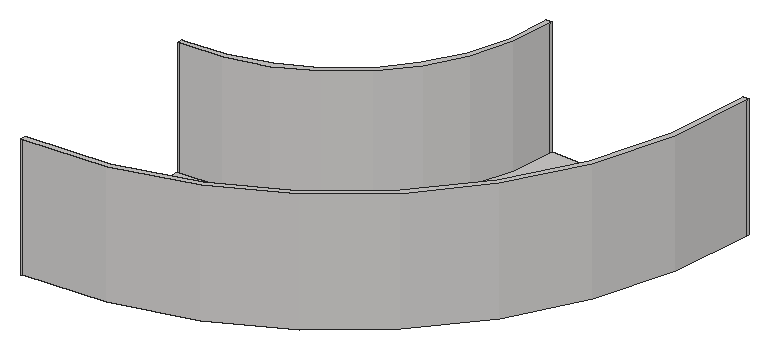
Revit family "S4R_OBO BETTERMANN_CableTray_Bend_Horizontal_RBM FS", category Cable Tray Fittings, Revit 2012
Parameters
  Wholesaler art.no. = ""
  Wholesaler = ""
  Watermarked By = "www.stabiplan.com"
  WIDTH2 [instance] = WIDTH1  # 100 mm
  WIDTH1 [instance] = 100 mm
  VERSION = "91900"  # constant formula
  URL = "www.stabiplan.com"
  built-in parameter 1140111 [instance] = 2.6 mm
  TYPE [instance] = "RBM FS"  # constant formula
  StabiCAD_PM = ""
  Safe_Half_Width2 [instance] = if(not([built-in parameter 1140115] > Half_Width2), [built-in parameter 1140115] - 0.2 mm, Half_Width2)  # 50 mm
  Safe_Half_Width1 [instance] = if(not([built-in parameter 1140115] > Half_Width1), [built-in parameter 1140115] - 0.2 mm, Half_Width1)  # 50 mm
  Manufacturer = "OBO BETTERMANN"  # constant formula
  Lmin [instance] = if(LENGTH1 > LENGTH2, LENGTH2, LENGTH1) - 1 mm  # 149 mm
  PRODUCTLINE [instance] = "OBO BETTERMANN CableTrays"  # constant formula
  LENGTH2 [instance] = if(and(WIDTH1 = 100 mm, HEIGHT1 = 60 mm, ANGLE2 = 45.00°), 140 mm, if(and(WIDTH1 = 150 mm, HEIGHT1 = 60 mm, ANGLE2 = 45.00°), 140 mm, if(and(WIDTH1 = 200 mm, HEIGHT1 = 60 mm, ANGLE2 = 45.00°), 140 mm, if(and(WIDTH1 = 300 mm, HEIGHT1 = 60 mm, ANGLE2 = 45.00°), 140 mm, if(and(WIDTH1 = 400 mm, HEIGHT1 = 60 mm, ANGLE2 = 45.00°), 140 mm, if(and(WIDTH1 = 500 mm, HEIGHT1 = 60 mm, ANGLE2 = 45.00°), 140 mm, if(and(WIDTH1 = 600 mm, HEIGHT1 = 60 mm, ANGLE2 = 45.00°), 140 mm, if(and(WIDTH1 = 100 mm, HEIGHT1 = 110 mm, ANGLE2 = 45.00°), 140 mm, if(and(WIDTH1 = 150 mm, HEIGHT1 = 110 mm, ANGLE2 = 45.00°), 140 mm, if(and(WIDTH1 = 200 mm, HEIGHT1 = 110 mm, ANGLE2 = 45.00°), 140 mm, if(and(WIDTH1 = 300 mm, HEIGHT1 = 110 mm, ANGLE2 = 45.00°), 140 mm, if(and(WIDTH1 = 400 mm, HEIGHT1 = 110 mm, ANGLE2 = 45.00°), 140 mm, if(and(WIDTH1 = 500 mm, HEIGHT1 = 110 mm, ANGLE2 = 45.00°), 140 mm, if(and(WIDTH1 = 600 mm, HEIGHT1 = 110 mm, ANGLE2 = 45.00°), 140 mm, if(and(WIDTH1 = 100 mm, HEIGHT1 = 60 mm, ANGLE2 = 90.00°), 150 mm, if(and(WIDTH1 = 150 mm, HEIGHT1 = 60 mm, ANGLE2 = 90.00°), 175 mm, if(and(WIDTH1 = 200 mm, HEIGHT1 = 60 mm, ANGLE2 = 90.00°), 200 mm, if(and(WIDTH1 = 300 mm, HEIGHT1 = 60 mm, ANGLE2 = 90.00°), 250 mm, if(and(WIDTH1 = 400 mm, HEIGHT1 = 60 mm, ANGLE2 = 90.00°), 300 mm, if(and(WIDTH1 = 500 mm, HEIGHT1 = 60 mm, ANGLE2 = 90.00°), 350 mm, if(and(WIDTH1 = 600 mm, HEIGHT1 = 60 mm, ANGLE2 = 90.00°), 400 mm, if(and(WIDTH1 = 100 mm, HEIGHT1 = 85 mm, ANGLE2 = 90.00°), 150 mm, if(and(WIDTH1 = 150 mm, HEIGHT1 = 85 mm, ANGLE2 = 90.00°), 175 mm, if(and(WIDTH1 = 200 mm, HEIGHT1 = 85 mm, ANGLE2 = 90.00°), 200 mm, if(and(WIDTH1 = 300 mm, HEIGHT1 = 85 mm, ANGLE2 = 90.00°), 250 mm, if(and(WIDTH1 = 400 mm, HEIGHT1 = 85 mm, ANGLE2 = 90.00°), 300 mm, if(and(WIDTH1 = 500 mm, HEIGHT1 = 85 mm, ANGLE2 = 90.00°), 350 mm, if(and(WIDTH1 = 600 mm, HEIGHT1 = 85 mm, ANGLE2 = 90.00°), 400 mm, if(and(WIDTH1 = 100 mm, HEIGHT1 = 110 mm, ANGLE2 = 90.00°), 150 mm, if(and(WIDTH1 = 150 mm, HEIGHT1 = 110 mm, ANGLE2 = 90.00°), 175 mm, if(and(WIDTH1 = 200 mm, HEIGHT1 = 110 mm, ANGLE2 = 90.00°), 200 mm, if(and(WIDTH1 = 300 mm, HEIGHT1 = 110 mm, ANGLE2 = 90.00°), 250 mm, if(and(WIDTH1 = 400 mm, HEIGHT1 = 110 mm, ANGLE2 = 90.00°), 300 mm, if(and(WIDTH1 = 500 mm, HEIGHT1 = 110 mm, ANGLE2 = 90.00°), 350 mm, if(and(WIDTH1 = 600 mm, HEIGHT1 = 110 mm, ANGLE2 = 90.00°), 400 mm, if(and(WIDTH1 = 100 mm, HEIGHT1 = 85 mm, ANGLE2 = 45.00°), 140 mm, if(and(WIDTH1 = 150 mm, HEIGHT1 = 85 mm, ANGLE2 = 45.00°), 140 mm, if(and(WIDTH1 = 200 mm, HEIGHT1 = 85 mm, ANGLE2 = 45.00°), 140 mm, if(and(WIDTH1 = 300 mm, HEIGHT1 = 85 mm, ANGLE2 = 45.00°), 140 mm, if(and(WIDTH1 = 400 mm, HEIGHT1 = 85 mm, ANGLE2 = 45.00°), 140 mm, if(and(WIDTH1 = 500 mm, HEIGHT1 = 85 mm, ANGLE2 = 45.00°), 140 mm, if(and(WIDTH1 = 600 mm, HEIGHT1 = 85 mm, ANGLE2 = 45.00°), 140 mm, if(and(WIDTH1 = 100 mm, HEIGHT1 = 35 mm, ANGLE2 = 45.00°), 140 mm, if(and(WIDTH1 = 200 mm, HEIGHT1 = 35 mm, ANGLE2 = 45.00°), 140 mm, if(and(WIDTH1 = 300 mm, HEIGHT1 = 35 mm, ANGLE2 = 45.00°), 140 mm, if(and(WIDTH1 = 100 mm, HEIGHT1 = 35 mm, ANGLE2 = 90.00°), 150 mm, if(and(WIDTH1 = 200 mm, HEIGHT1 = 35 mm, ANGLE2 = 90.00°), 200 mm, if(and(WIDTH1 = 300 mm, HEIGHT1 = 35 mm, ANGLE2 = 90.00°), 250 mm, WIDTH1 * 2))))))))))))))))))))))))))))))))))))))))))))))))  # 150 mm
  LENGTH1 [instance] = if(and(WIDTH1 = 100 mm, HEIGHT1 = 60 mm, ANGLE2 = 45.00°), 140 mm, if(and(WIDTH1 = 150 mm, HEIGHT1 = 60 mm, ANGLE2 = 45.00°), 140 mm, if(and(WIDTH1 = 200 mm, HEIGHT1 = 60 mm, ANGLE2 = 45.00°), 140 mm, if(and(WIDTH1 = 300 mm, HEIGHT1 = 60 mm, ANGLE2 = 45.00°), 140 mm, if(and(WIDTH1 = 400 mm, HEIGHT1 = 60 mm, ANGLE2 = 45.00°), 140 mm, if(and(WIDTH1 = 500 mm, HEIGHT1 = 60 mm, ANGLE2 = 45.00°), 140 mm, if(and(WIDTH1 = 600 mm, HEIGHT1 = 60 mm, ANGLE2 = 45.00°), 140 mm, if(and(WIDTH1 = 100 mm, HEIGHT1 = 110 mm, ANGLE2 = 45.00°), 140 mm, if(and(WIDTH1 = 150 mm, HEIGHT1 = 110 mm, ANGLE2 = 45.00°), 140 mm, if(and(WIDTH1 = 200 mm, HEIGHT1 = 110 mm, ANGLE2 = 45.00°), 140 mm, if(and(WIDTH1 = 300 mm, HEIGHT1 = 110 mm, ANGLE2 = 45.00°), 140 mm, if(and(WIDTH1 = 400 mm, HEIGHT1 = 110 mm, ANGLE2 = 45.00°), 140 mm, if(and(WIDTH1 = 500 mm, HEIGHT1 = 110 mm, ANGLE2 = 45.00°), 140 mm, if(and(WIDTH1 = 600 mm, HEIGHT1 = 110 mm, ANGLE2 = 45.00°), 140 mm, if(and(WIDTH1 = 100 mm, HEIGHT1 = 60 mm, ANGLE2 = 90.00°), 150 mm, if(and(WIDTH1 = 150 mm, HEIGHT1 = 60 mm, ANGLE2 = 90.00°), 175 mm, if(and(WIDTH1 = 200 mm, HEIGHT1 = 60 mm, ANGLE2 = 90.00°), 200 mm, if(and(WIDTH1 = 300 mm, HEIGHT1 = 60 mm, ANGLE2 = 90.00°), 250 mm, if(and(WIDTH1 = 400 mm, HEIGHT1 = 60 mm, ANGLE2 = 90.00°), 300 mm, if(and(WIDTH1 = 500 mm, HEIGHT1 = 60 mm, ANGLE2 = 90.00°), 350 mm, if(and(WIDTH1 = 600 mm, HEIGHT1 = 60 mm, ANGLE2 = 90.00°), 400 mm, if(and(WIDTH1 = 100 mm, HEIGHT1 = 85 mm, ANGLE2 = 90.00°), 150 mm, if(and(WIDTH1 = 150 mm, HEIGHT1 = 85 mm, ANGLE2 = 90.00°), 175 mm, if(and(WIDTH1 = 200 mm, HEIGHT1 = 85 mm, ANGLE2 = 90.00°), 200 mm, if(and(WIDTH1 = 300 mm, HEIGHT1 = 85 mm, ANGLE2 = 90.00°), 250 mm, if(and(WIDTH1 = 400 mm, HEIGHT1 = 85 mm, ANGLE2 = 90.00°), 300 mm, if(and(WIDTH1 = 500 mm, HEIGHT1 = 85 mm, ANGLE2 = 90.00°), 350 mm, if(and(WIDTH1 = 600 mm, HEIGHT1 = 85 mm, ANGLE2 = 90.00°), 400 mm, if(and(WIDTH1 = 100 mm, HEIGHT1 = 110 mm, ANGLE2 = 90.00°), 150 mm, if(and(WIDTH1 = 150 mm, HEIGHT1 = 110 mm, ANGLE2 = 90.00°), 175 mm, if(and(WIDTH1 = 200 mm, HEIGHT1 = 110 mm, ANGLE2 = 90.00°), 200 mm, if(and(WIDTH1 = 300 mm, HEIGHT1 = 110 mm, ANGLE2 = 90.00°), 250 mm, if(and(WIDTH1 = 400 mm, HEIGHT1 = 110 mm, ANGLE2 = 90.00°), 300 mm, if(and(WIDTH1 = 500 mm, HEIGHT1 = 110 mm, ANGLE2 = 90.00°), 350 mm, if(and(WIDTH1 = 600 mm, HEIGHT1 = 110 mm, ANGLE2 = 90.00°), 400 mm, if(and(WIDTH1 = 100 mm, HEIGHT1 = 85 mm, ANGLE2 = 45.00°), 140 mm, if(and(WIDTH1 = 150 mm, HEIGHT1 = 85 mm, ANGLE2 = 45.00°), 140 mm, if(and(WIDTH1 = 200 mm, HEIGHT1 = 85 mm, ANGLE2 = 45.00°), 140 mm, if(and(WIDTH1 = 300 mm, HEIGHT1 = 85 mm, ANGLE2 = 45.00°), 140 mm, if(and(WIDTH1 = 400 mm, HEIGHT1 = 85 mm, ANGLE2 = 45.00°), 140 mm, if(and(WIDTH1 = 500 mm, HEIGHT1 = 85 mm, ANGLE2 = 45.00°), 140 mm, if(and(WIDTH1 = 600 mm, HEIGHT1 = 85 mm, ANGLE2 = 45.00°), 140 mm, if(and(WIDTH1 = 100 mm, HEIGHT1 = 35 mm, ANGLE2 = 45.00°), 140 mm, if(and(WIDTH1 = 200 mm, HEIGHT1 = 35 mm, ANGLE2 = 45.00°), 140 mm, if(and(WIDTH1 = 300 mm, HEIGHT1 = 35 mm, ANGLE2 = 45.00°), 140 mm, if(and(WIDTH1 = 100 mm, HEIGHT1 = 35 mm, ANGLE2 = 90.00°), 150 mm, if(and(WIDTH1 = 200 mm, HEIGHT1 = 35 mm, ANGLE2 = 90.00°), 200 mm, if(and(WIDTH1 = 300 mm, HEIGHT1 = 35 mm, ANGLE2 = 90.00°), 250 mm, WIDTH1 * 2))))))))))))))))))))))))))))))))))))))))))))))))  # 150 mm
  L2_Tail [instance] = LENGTH2 - Lmin  # 1 mm
  L1_Tail [instance] = LENGTH1 - Lmin  # 1 mm
  Internal art.no. = ""
  ISCUSTOM [instance] = if(and(WIDTH1 = 100 mm, HEIGHT1 = 60 mm, ANGLE2 = 45.00°), 1 = 0, if(and(WIDTH1 = 150 mm, HEIGHT1 = 60 mm, ANGLE2 = 45.00°), 1 = 0, if(and(WIDTH1 = 200 mm, HEIGHT1 = 60 mm, ANGLE2 = 45.00°), 1 = 0, if(and(WIDTH1 = 300 mm, HEIGHT1 = 60 mm, ANGLE2 = 45.00°), 1 = 0, if(and(WIDTH1 = 400 mm, HEIGHT1 = 60 mm, ANGLE2 = 45.00°), 1 = 0, if(and(WIDTH1 = 500 mm, HEIGHT1 = 60 mm, ANGLE2 = 45.00°), 1 = 0, if(and(WIDTH1 = 600 mm, HEIGHT1 = 60 mm, ANGLE2 = 45.00°), 1 = 0, if(and(WIDTH1 = 100 mm, HEIGHT1 = 110 mm, ANGLE2 = 45.00°), 1 = 0, if(and(WIDTH1 = 150 mm, HEIGHT1 = 110 mm, ANGLE2 = 45.00°), 1 = 0, if(and(WIDTH1 = 200 mm, HEIGHT1 = 110 mm, ANGLE2 = 45.00°), 1 = 0, if(and(WIDTH1 = 300 mm, HEIGHT1 = 110 mm, ANGLE2 = 45.00°), 1 = 0, if(and(WIDTH1 = 400 mm, HEIGHT1 = 110 mm, ANGLE2 = 45.00°), 1 = 0, if(and(WIDTH1 = 500 mm, HEIGHT1 = 110 mm, ANGLE2 = 45.00°), 1 = 0, if(and(WIDTH1 = 600 mm, HEIGHT1 = 110 mm, ANGLE2 = 45.00°), 1 = 0, if(and(WIDTH1 = 100 mm, HEIGHT1 = 60 mm, ANGLE2 = 90.00°), 1 = 0, if(and(WIDTH1 = 150 mm, HEIGHT1 = 60 mm, ANGLE2 = 90.00°), 1 = 0, if(and(WIDTH1 = 200 mm, HEIGHT1 = 60 mm, ANGLE2 = 90.00°), 1 = 0, if(and(WIDTH1 = 300 mm, HEIGHT1 = 60 mm, ANGLE2 = 90.00°), 1 = 0, if(and(WIDTH1 = 400 mm, HEIGHT1 = 60 mm, ANGLE2 = 90.00°), 1 = 0, if(and(WIDTH1 = 500 mm, HEIGHT1 = 60 mm, ANGLE2 = 90.00°), 1 = 0, if(and(WIDTH1 = 600 mm, HEIGHT1 = 60 mm, ANGLE2 = 90.00°), 1 = 0, if(and(WIDTH1 = 100 mm, HEIGHT1 = 85 mm, ANGLE2 = 90.00°), 1 = 0, if(and(WIDTH1 = 150 mm, HEIGHT1 = 85 mm, ANGLE2 = 90.00°), 1 = 0, if(and(WIDTH1 = 200 mm, HEIGHT1 = 85 mm, ANGLE2 = 90.00°), 1 = 0, if(and(WIDTH1 = 300 mm, HEIGHT1 = 85 mm, ANGLE2 = 90.00°), 1 = 0, if(and(WIDTH1 = 400 mm, HEIGHT1 = 85 mm, ANGLE2 = 90.00°), 1 = 0, if(and(WIDTH1 = 500 mm, HEIGHT1 = 85 mm, ANGLE2 = 90.00°), 1 = 0, if(and(WIDTH1 = 600 mm, HEIGHT1 = 85 mm, ANGLE2 = 90.00°), 1 = 0, if(and(WIDTH1 = 100 mm, HEIGHT1 = 110 mm, ANGLE2 = 90.00°), 1 = 0, if(and(WIDTH1 = 150 mm, HEIGHT1 = 110 mm, ANGLE2 = 90.00°), 1 = 0, if(and(WIDTH1 = 200 mm, HEIGHT1 = 110 mm, ANGLE2 = 90.00°), 1 = 0, if(and(WIDTH1 = 300 mm, HEIGHT1 = 110 mm, ANGLE2 = 90.00°), 1 = 0, if(and(WIDTH1 = 400 mm, HEIGHT1 = 110 mm, ANGLE2 = 90.00°), 1 = 0, if(and(WIDTH1 = 500 mm, HEIGHT1 = 110 mm, ANGLE2 = 90.00°), 1 = 0, if(and(WIDTH1 = 600 mm, HEIGHT1 = 110 mm, ANGLE2 = 90.00°), 1 = 0, if(and(WIDTH1 = 100 mm, HEIGHT1 = 85 mm, ANGLE2 = 45.00°), 1 = 0, if(and(WIDTH1 = 150 mm, HEIGHT1 = 85 mm, ANGLE2 = 45.00°), 1 = 0, if(and(WIDTH1 = 200 mm, HEIGHT1 = 85 mm, ANGLE2 = 45.00°), 1 = 0, if(and(WIDTH1 = 300 mm, HEIGHT1 = 85 mm, ANGLE2 = 45.00°), 1 = 0, if(and(WIDTH1 = 400 mm, HEIGHT1 = 85 mm, ANGLE2 = 45.00°), 1 = 0, if(and(WIDTH1 = 500 mm, HEIGHT1 = 85 mm, ANGLE2 = 45.00°), 1 = 0, if(and(WIDTH1 = 600 mm, HEIGHT1 = 85 mm, ANGLE2 = 45.00°), 1 = 0, if(and(WIDTH1 = 100 mm, HEIGHT1 = 35 mm, ANGLE2 = 45.00°), 1 = 0, if(and(WIDTH1 = 200 mm, HEIGHT1 = 35 mm, ANGLE2 = 45.00°), 1 = 0, if(and(WIDTH1 = 300 mm, HEIGHT1 = 35 mm, ANGLE2 = 45.00°), 1 = 0, if(and(WIDTH1 = 100 mm, HEIGHT1 = 35 mm, ANGLE2 = 90.00°), 1 = 0, if(and(WIDTH1 = 200 mm, HEIGHT1 = 35 mm, ANGLE2 = 90.00°), 1 = 0, if(and(WIDTH1 = 300 mm, HEIGHT1 = 35 mm, ANGLE2 = 90.00°), 1 = 0, 1 = 1))))))))))))))))))))))))))))))))))))))))))))))))  # no
  IFCExportType = ""
  IFCExportAs = ""
  Half_Width2 [instance] = WIDTH2 / 2  # 50 mm
  Half_Width1 [instance] = WIDTH1 / 2  # 50 mm
  HEIGHT2 [instance] = HEIGHT1  # 60 mm
  HEIGHT1 [instance] = 60 mm
  GTINNUMBER [instance] = if(and(WIDTH1 = 100 mm, HEIGHT1 = 60 mm, ANGLE2 = 45.00°), "4012195881537", if(and(WIDTH1 = 150 mm, HEIGHT1 = 60 mm, ANGLE2 = 45.00°), "4012195881544", if(and(WIDTH1 = 200 mm, HEIGHT1 = 60 mm, ANGLE2 = 45.00°), "4012195881551", if(and(WIDTH1 = 300 mm, HEIGHT1 = 60 mm, ANGLE2 = 45.00°), "4012195881568", if(and(WIDTH1 = 400 mm, HEIGHT1 = 60 mm, ANGLE2 = 45.00°), "4012195881575", if(and(WIDTH1 = 500 mm, HEIGHT1 = 60 mm, ANGLE2 = 45.00°), "4012195881582", if(and(WIDTH1 = 600 mm, HEIGHT1 = 60 mm, ANGLE2 = 45.00°), "4012195881599", if(and(WIDTH1 = 100 mm, HEIGHT1 = 110 mm, ANGLE2 = 45.00°), "4012195880141", if(and(WIDTH1 = 150 mm, HEIGHT1 = 110 mm, ANGLE2 = 45.00°), "4012195895961", if(and(WIDTH1 = 200 mm, HEIGHT1 = 110 mm, ANGLE2 = 45.00°), "4012195880189", if(and(WIDTH1 = 300 mm, HEIGHT1 = 110 mm, ANGLE2 = 45.00°), "4012195880196", if(and(WIDTH1 = 400 mm, HEIGHT1 = 110 mm, ANGLE2 = 45.00°), "4012195880202", if(and(WIDTH1 = 500 mm, HEIGHT1 = 110 mm, ANGLE2 = 45.00°), "4012195880240", if(and(WIDTH1 = 600 mm, HEIGHT1 = 110 mm, ANGLE2 = 45.00°), "4012195880257", if(and(WIDTH1 = 100 mm, HEIGHT1 = 60 mm, ANGLE2 = 90.00°), "4012195881810", if(and(WIDTH1 = 150 mm, HEIGHT1 = 60 mm, ANGLE2 = 90.00°), "4012195881827", if(and(WIDTH1 = 200 mm, HEIGHT1 = 60 mm, ANGLE2 = 90.00°), "4012195881834", if(and(WIDTH1 = 300 mm, HEIGHT1 = 60 mm, ANGLE2 = 90.00°), "4012195881841", if(and(WIDTH1 = 400 mm, HEIGHT1 = 60 mm, ANGLE2 = 90.00°), "4012195881858", if(and(WIDTH1 = 500 mm, HEIGHT1 = 60 mm, ANGLE2 = 90.00°), "4012195881865", if(and(WIDTH1 = 600 mm, HEIGHT1 = 60 mm, ANGLE2 = 90.00°), "4012195881872", if(and(WIDTH1 = 100 mm, HEIGHT1 = 85 mm, ANGLE2 = 90.00°), "4012195879886", if(and(WIDTH1 = 150 mm, HEIGHT1 = 85 mm, ANGLE2 = 90.00°), "4012195895800", if(and(WIDTH1 = 200 mm, HEIGHT1 = 85 mm, ANGLE2 = 90.00°), "4012195879893", if(and(WIDTH1 = 300 mm, HEIGHT1 = 85 mm, ANGLE2 = 90.00°), "4012195879909", if(and(WIDTH1 = 400 mm, HEIGHT1 = 85 mm, ANGLE2 = 90.00°), "4012195879947", if(and(WIDTH1 = 500 mm, HEIGHT1 = 85 mm, ANGLE2 = 90.00°), "4012195879954", if(and(WIDTH1 = 600 mm, HEIGHT1 = 85 mm, ANGLE2 = 90.00°), "4012195879961", if(and(WIDTH1 = 100 mm, HEIGHT1 = 110 mm, ANGLE2 = 90.00°), "4012195880547", if(and(WIDTH1 = 150 mm, HEIGHT1 = 110 mm, ANGLE2 = 90.00°), "4012195896029", if(and(WIDTH1 = 200 mm, HEIGHT1 = 110 mm, ANGLE2 = 90.00°), "4012195880554", if(and(WIDTH1 = 300 mm, HEIGHT1 = 110 mm, ANGLE2 = 90.00°), "4012195880561", if(and(WIDTH1 = 400 mm, HEIGHT1 = 110 mm, ANGLE2 = 90.00°), "4012195880578", if(and(WIDTH1 = 500 mm, HEIGHT1 = 110 mm, ANGLE2 = 90.00°), "4012195880585", if(and(WIDTH1 = 600 mm, HEIGHT1 = 110 mm, ANGLE2 = 90.00°), "4012195880592", if(and(WIDTH1 = 100 mm, HEIGHT1 = 85 mm, ANGLE2 = 45.00°), "4012195879541", if(and(WIDTH1 = 150 mm, HEIGHT1 = 85 mm, ANGLE2 = 45.00°), "4012195895749", if(and(WIDTH1 = 200 mm, HEIGHT1 = 85 mm, ANGLE2 = 45.00°), "4012195879589", if(and(WIDTH1 = 300 mm, HEIGHT1 = 85 mm, ANGLE2 = 45.00°), "4012195879596", if(and(WIDTH1 = 400 mm, HEIGHT1 = 85 mm, ANGLE2 = 45.00°), "4012195879602", if(and(WIDTH1 = 500 mm, HEIGHT1 = 85 mm, ANGLE2 = 45.00°), "4012195879633", if(and(WIDTH1 = 600 mm, HEIGHT1 = 85 mm, ANGLE2 = 45.00°), "4012195879640", if(and(WIDTH1 = 100 mm, HEIGHT1 = 35 mm, ANGLE2 = 45.00°), "4012195877615", if(and(WIDTH1 = 200 mm, HEIGHT1 = 35 mm, ANGLE2 = 45.00°), "4012195881285", if(and(WIDTH1 = 300 mm, HEIGHT1 = 35 mm, ANGLE2 = 45.00°), "4012195881315", if(and(WIDTH1 = 100 mm, HEIGHT1 = 35 mm, ANGLE2 = 90.00°), "4012195881322", if(and(WIDTH1 = 200 mm, HEIGHT1 = 35 mm, ANGLE2 = 90.00°), "4012195881339", if(and(WIDTH1 = 300 mm, HEIGHT1 = 35 mm, ANGLE2 = 90.00°), "4012195881346", "Unknown"))))))))))))))))))))))))))))))))))))))))))))))))  # "4012195881810"
  ETIM article class = ""
  Description = "Horizontal CableTray Bend"
  DEEPLINK = "http://catalog1.obo-bettermann.com/catalogue/catalogue.do?favOid=kts_399322&OID=kts_368435&act=showIO&lang=de&forward=showProductGroupView&action=showOneProduct&catId=KTS"
  Copyright = "© Stabiplan BV / Stabiplan International BV"  # constant formula
  CT2 [instance] = 1
  CT1 [instance] = 1
  BodyColor = Steel
  built-in parameter 1140115 [instance] = Lmin / tan(ANGLE2 / 2)  # 149 mm
  ARTICLENUMBER [instance] = if(and(WIDTH1 = 100 mm, HEIGHT1 = 60 mm, ANGLE2 = 45.00°), "6041040", if(and(WIDTH1 = 150 mm, HEIGHT1 = 60 mm, ANGLE2 = 45.00°), "6041042", if(and(WIDTH1 = 200 mm, HEIGHT1 = 60 mm, ANGLE2 = 45.00°), "6041044", if(and(WIDTH1 = 300 mm, HEIGHT1 = 60 mm, ANGLE2 = 45.00°), "6041046", if(and(WIDTH1 = 400 mm, HEIGHT1 = 60 mm, ANGLE2 = 45.00°), "6041048", if(and(WIDTH1 = 500 mm, HEIGHT1 = 60 mm, ANGLE2 = 45.00°), "6041050", if(and(WIDTH1 = 600 mm, HEIGHT1 = 60 mm, ANGLE2 = 45.00°), "6041052", if(and(WIDTH1 = 100 mm, HEIGHT1 = 110 mm, ANGLE2 = 45.00°), "6041750", if(and(WIDTH1 = 150 mm, HEIGHT1 = 110 mm, ANGLE2 = 45.00°), "6041751", if(and(WIDTH1 = 200 mm, HEIGHT1 = 110 mm, ANGLE2 = 45.00°), "6041752", if(and(WIDTH1 = 300 mm, HEIGHT1 = 110 mm, ANGLE2 = 45.00°), "6041754", if(and(WIDTH1 = 400 mm, HEIGHT1 = 110 mm, ANGLE2 = 45.00°), "6041756", if(and(WIDTH1 = 500 mm, HEIGHT1 = 110 mm, ANGLE2 = 45.00°), "6041758", if(and(WIDTH1 = 600 mm, HEIGHT1 = 110 mm, ANGLE2 = 45.00°), "6041760", if(and(WIDTH1 = 100 mm, HEIGHT1 = 60 mm, ANGLE2 = 90.00°), "6041130", if(and(WIDTH1 = 150 mm, HEIGHT1 = 60 mm, ANGLE2 = 90.00°), "6041132", if(and(WIDTH1 = 200 mm, HEIGHT1 = 60 mm, ANGLE2 = 90.00°), "6041134", if(and(WIDTH1 = 300 mm, HEIGHT1 = 60 mm, ANGLE2 = 90.00°), "6041136", if(and(WIDTH1 = 400 mm, HEIGHT1 = 60 mm, ANGLE2 = 90.00°), "6041138", if(and(WIDTH1 = 500 mm, HEIGHT1 = 60 mm, ANGLE2 = 90.00°), "6041140", if(and(WIDTH1 = 600 mm, HEIGHT1 = 60 mm, ANGLE2 = 90.00°), "6041142", if(and(WIDTH1 = 100 mm, HEIGHT1 = 85 mm, ANGLE2 = 90.00°), "6041490", if(and(WIDTH1 = 150 mm, HEIGHT1 = 85 mm, ANGLE2 = 90.00°), "6041491", if(and(WIDTH1 = 200 mm, HEIGHT1 = 85 mm, ANGLE2 = 90.00°), "6041492", if(and(WIDTH1 = 300 mm, HEIGHT1 = 85 mm, ANGLE2 = 90.00°), "6041494", if(and(WIDTH1 = 400 mm, HEIGHT1 = 85 mm, ANGLE2 = 90.00°), "6041496", if(and(WIDTH1 = 500 mm, HEIGHT1 = 85 mm, ANGLE2 = 90.00°), "6041498", if(and(WIDTH1 = 600 mm, HEIGHT1 = 85 mm, ANGLE2 = 90.00°), "6041500", if(and(WIDTH1 = 100 mm, HEIGHT1 = 110 mm, ANGLE2 = 90.00°), "6041840", if(and(WIDTH1 = 150 mm, HEIGHT1 = 110 mm, ANGLE2 = 90.00°), "6041841", if(and(WIDTH1 = 200 mm, HEIGHT1 = 110 mm, ANGLE2 = 90.00°), "6041842", if(and(WIDTH1 = 300 mm, HEIGHT1 = 110 mm, ANGLE2 = 90.00°), "6041844", if(and(WIDTH1 = 400 mm, HEIGHT1 = 110 mm, ANGLE2 = 90.00°), "6041846", if(and(WIDTH1 = 500 mm, HEIGHT1 = 110 mm, ANGLE2 = 90.00°), "6041848", if(and(WIDTH1 = 600 mm, HEIGHT1 = 110 mm, ANGLE2 = 90.00°), "6041850", if(and(WIDTH1 = 100 mm, HEIGHT1 = 85 mm, ANGLE2 = 45.00°), "6041410", if(and(WIDTH1 = 150 mm, HEIGHT1 = 85 mm, ANGLE2 = 45.00°), "6041411", if(and(WIDTH1 = 200 mm, HEIGHT1 = 85 mm, ANGLE2 = 45.00°), "6041412", if(and(WIDTH1 = 300 mm, HEIGHT1 = 85 mm, ANGLE2 = 45.00°), "6041414", if(and(WIDTH1 = 400 mm, HEIGHT1 = 85 mm, ANGLE2 = 45.00°), "6041416", if(and(WIDTH1 = 500 mm, HEIGHT1 = 85 mm, ANGLE2 = 45.00°), "6041418", if(and(WIDTH1 = 600 mm, HEIGHT1 = 85 mm, ANGLE2 = 45.00°), "6041420", if(and(WIDTH1 = 100 mm, HEIGHT1 = 35 mm, ANGLE2 = 45.00°), "6041000", if(and(WIDTH1 = 200 mm, HEIGHT1 = 35 mm, ANGLE2 = 45.00°), "6041002", if(and(WIDTH1 = 300 mm, HEIGHT1 = 35 mm, ANGLE2 = 45.00°), "6041004", if(and(WIDTH1 = 100 mm, HEIGHT1 = 35 mm, ANGLE2 = 90.00°), "6041010", if(and(WIDTH1 = 200 mm, HEIGHT1 = 35 mm, ANGLE2 = 90.00°), "6041012", if(and(WIDTH1 = 300 mm, HEIGHT1 = 35 mm, ANGLE2 = 90.00°), "6041014", "Unknown"))))))))))))))))))))))))))))))))))))))))))))))))  # "6041130"
  ARTICLEDESCRIPTION [instance] = "Horizontal CableTray Bend"
  ANGLE2 [instance] = 90.00°
Reference planes
  plane 1 "Center (Front/Back)": y = 0
  plane 2: z = 0
  plane 3 "Center (Left/Right)": x = 0
  plane 4: y = 149
  plane 5: x = -149
Forms (mm)
  Sweep 1, solid, material "Steel" <- "BodyColor", detail levels medium
    path in 3D
      loop
        line (-149, 0, 0) -> (-150, 0, 0)
    profile origin (-149.5, 0, 0) x (0, -1, 0) y (0, 0, 1)
      loop
        line (-50, 30) -> (-50, -30) -> (50, -30) -> (50, 30) -> (-50, 30)
  Sweep 2, solid, material "Steel" <- "BodyColor", detail levels medium
    path in 3D
      loop
        line (0, 149, 0) -> (0, 150, 0)
    profile origin (0, 149.5, 0) x (-1, 0, 0) y (0, 0, 1)
      loop
        line (50, -30) -> (50, 30) -> (-50, 30) -> (-50, -30) -> (50, -30)
  SweptBlend 3, solid, material "Steel" <- "BodyColor", detail levels medium
    path in 3D
      loop
        arc (-149, 0, 0) -> (-43.641, 43.641, 0) -> (0, 149, 0) r 149
    profile origin (-149, 0, 0) x (0, 1, 0) y (0, 0, 1)
      loop
        line (50, 30) -> (-50, 30) -> (-50, -30) -> (50, -30) -> (50, 30)
    end profile origin (0, 149, 0) x (-1, 0, 0) y (0, 0, 1)
      loop
        line (50, 30) -> (-50, 30) -> (-50, -30) -> (50, -30) -> (50, 30)
  Sweep 4, solid, material "Steel" <- "BodyColor", detail levels fine
    path in 3D
      loop
        line (-149, 0, 0) -> (-150, 0, 0)
    profile origin (-149.5, 0, 0) x (0, -1, 0) y (0, 0, 1)
      loop
        line (-50, 30) -> (-50, -30) -> (50, -30) -> (50, 30) -> (47.4, 30) -> (47.4, -27.4) -> (-47.4, -27.4) -> (-47.4, 30) -> (-50, 30)
  Sweep 5, solid, material "Steel" <- "BodyColor", detail levels fine
    path in 3D
      loop
        line (0, 149, 0) -> (0, 150, 0)
    profile origin (0, 149.5, 0) x (-1, 0, 0) y (0, 0, 1)
      loop
        line (-50, 30) -> (-50, -30) -> (50, -30) -> (50, 30) -> (47.4, 30) -> (47.4, -27.4) -> (-47.4, -27.4) -> (-47.4, 30) -> (-50, 30)
  SweptBlend 6, solid, material "Steel" <- "BodyColor", detail levels fine
    path in 3D
      loop
        arc (-149, 0, 0) -> (-43.641, 43.641, 0) -> (0, 149, 0) r 149
    profile origin (-149, 0, 0) x (0, 1, 0) y (0, 0, 1)
      loop
        line (50, 30) -> (47.4, 30) -> (47.4, -27.4) -> (-47.4, -27.4) -> (-47.4, 30) -> (-50, 30) -> (-50, -30) -> (50, -30) -> (50, 30)
    end profile origin (0, 149, 0) x (-1, 0, 0) y (0, 0, 1)
      loop
        line (50, 30) -> (47.4, 30) -> (47.4, -27.4) -> (-47.4, -27.4) -> (-47.4, 30) -> (-50, 30) -> (-50, -30) -> (50, -30) -> (50, 30)
Cuts and joins
  joined: Sweep 4, Sweep 5, SweptBlend 6
  joined: Sweep 1, Sweep 2, SweptBlend 3
Lines and regions (mm)
  reference lines
    curve 1: line (-149, 149, 0) -> (-149, 0, 0)
    curve 2: line (-149, 0, 0) -> (0, 0, 0)
    curve 3: line (0, 0, 0) -> (0, 149, 0)
    curve 4: line (0, 149, 0) -> (-149, 149, 0)
    curve 5: arc (-149, 0, 0) -> (-43.641, 43.641, 0) -> (0, 149, 0) r 149
    curve 6: line (-149, 0, 0) -> (-150, 0, 0)
    curve 7: line (0, 149, 0) -> (0, 150, 0)
  model lines, detail levels coarse
    curve 8: line (-399, 0, 0) -> (-400, 0, 0)
    curve 9: line (-49, 399, 0) -> (-49, 400, 0)
  sketch lines
    curve 10: line (-149, 0, 0) -> (-150, 0, 0)
    curve 11: line (0, 149, 0) -> (0, 150, 0)
    curve 12: arc (-149, 0, 0) -> (-43.641, 43.641, 0) -> (0, 149, 0) r 149
    curve 13: line (-149, 0, 0) -> (-150, 0, 0)
    curve 14: line (0, 149, 0) -> (0, 150, 0)
    curve 15: arc (-149, 0, 0) -> (-43.641, 43.641, 0) -> (0, 149, 0) r 149
  model lines, style "Coarse", detail levels coarse
    curve 16: line (-149, 0, 0) -> (-150, 0, 0)
    curve 17: arc (-149, 0, 0) -> (-43.641, 43.641, 0) -> (0, 149, 0) r 149
    curve 18: line (0, 149, 0) -> (0, 150, 0)
Dimensions and locks
  "Lmin": plane 5 to plane 3 "Center (Left/Right)"
  "built-in parameter 1140115": plane 4 to plane 1 "Center (Front/Back)"
  "built-in parameter 1140115": curve 4 to curve 4
  "built-in parameter 1140115": plane 1 "Center (Front/Back)" to curve 1
  "L1_Tail": curve 6 to curve 6
  "L2_Tail": curve 7 to curve 7
  equal spacing: Sweep 1 sketch curve, profile plane, Sweep 1 sketch curve  (x2)
  "WIDTH1": Sweep 1 sketch curve to Sweep 1 sketch curve
  "HEIGHT1": Sweep 1 sketch curve to Sweep 1 sketch curve
  equal spacing: Sweep 2 sketch curve, profile plane, Sweep 2 sketch curve  (x2)
  "WIDTH2": Sweep 2 sketch curve to Sweep 2 sketch curve
  "HEIGHT2": Sweep 2 sketch curve to Sweep 2 sketch curve
  equal spacing: SweptBlend 3 sketch curve, profile plane, SweptBlend 3 sketch curve  (x2)
  "HEIGHT1": SweptBlend 3 sketch curve to SweptBlend 3 sketch curve
  "HEIGHT2": SweptBlend 3 sketch curve to SweptBlend 3 sketch curve
  equal spacing: Sweep 4 sketch curve, profile plane, Sweep 4 sketch curve  (x3)
  "HEIGHT1": Sweep 4 sketch curve to Sweep 4 sketch curve
  "WIDTH1": Sweep 4 sketch curve to Sweep 4 sketch curve
  "built-in parameter 1140111": Sweep 4 sketch curve to Sweep 1  (x2)
  "built-in parameter 1140111": Sweep 1 to Sweep 4 sketch curve
  equal spacing: Sweep 5 sketch curve, profile plane, Sweep 5 sketch curve  (x3)
  "HEIGHT2": Sweep 5 sketch curve to Sweep 5 sketch curve
  "WIDTH2": Sweep 5 sketch curve to Sweep 5 sketch curve
  "built-in parameter 1140111": Sweep 5 sketch curve to Sweep 5 sketch curve  (x3)
  "built-in parameter 1140111": SweptBlend 6 sketch curve to SweptBlend 6 sketch curve  (x6)
  equal spacing: SweptBlend 6 sketch curve, profile plane, SweptBlend 6 sketch curve  (x4)
  "HEIGHT1": SweptBlend 6 sketch curve to SweptBlend 6 sketch curve
  "HEIGHT2": SweptBlend 6 sketch curve to SweptBlend 6 sketch curve
  "Safe_Half_Width1": profile plane to SweptBlend 6 sketch curve
  "Half_Width1": SweptBlend 6 sketch curve to profile plane
  "Safe_Half_Width2": SweptBlend 6 sketch curve to profile plane
  "Half_Width2": profile plane to SweptBlend 6 sketch curve
  "Safe_Half_Width1": profile plane to SweptBlend 3 sketch curve
  "Half_Width1": SweptBlend 3 sketch curve to profile plane
  "Safe_Half_Width2": SweptBlend 3 sketch curve to profile plane
  "Half_Width2": profile plane to SweptBlend 3 sketch curve
  "built-in parameter 1140115": radius of curve 5
  "ANGLE2": angle plane 5 to curve 4
  locked: curve 7 to curve 4 (angle 90.00°)
  "ANGLE2": angle plane 1 "Center (Front/Back)" to curve 18
  aligned and locked: level to plane 2
  aligned and locked: plane 1 "Center (Front/Back)" to curve 2  (x2)
  aligned and locked: plane 3 "Center (Left/Right)" to curve 2
  aligned and locked: curve 1 to plane 5
  aligned and locked: curve 17 to curve 5
  aligned and locked: SweptBlend 3 to curve 18
  aligned and locked: Sweep 2 to curve 18
Automatic sketch dimensions
  plane 1 "Center (Front/Back)" to curve 8 = 0 mm
  curve 8 to curve 16 = 249 mm
  curve 8 to curve 8 = 1 mm
  curve 9 to plane 3 "Center (Left/Right)" = 49 mm
  plane 4 to curve 9 = 250 mm
  curve 9 to curve 9 = 1 mm
  curve 16 to plane 5 = 1 mm
Connectors
  cabletrayconduit at (-150, 0, 0), driven by "HEIGHT1", driven by "WIDTH1", driven by "ANGLE2"
    settings: on Sweep 1, index 1, connector width 100 mm, connector height 60 mm, connector radius 300 mm, connector angle 90.00°, system type 32, placement type 0, profile type 1, connector reference index 2, is primary connector yes, connector utility param no, connector description ""
  cabletrayconduit at (0, 150, 0), driven by "ANGLE2", driven by "HEIGHT2", driven by "WIDTH2"
    settings: on Sweep 2, index 2, connector width 100 mm, connector height 60 mm, connector radius 300 mm, connector angle 90.00°, system type 32, placement type 0, profile type 1, connector reference index 1, is primary connector no, connector utility param no, connector description ""
